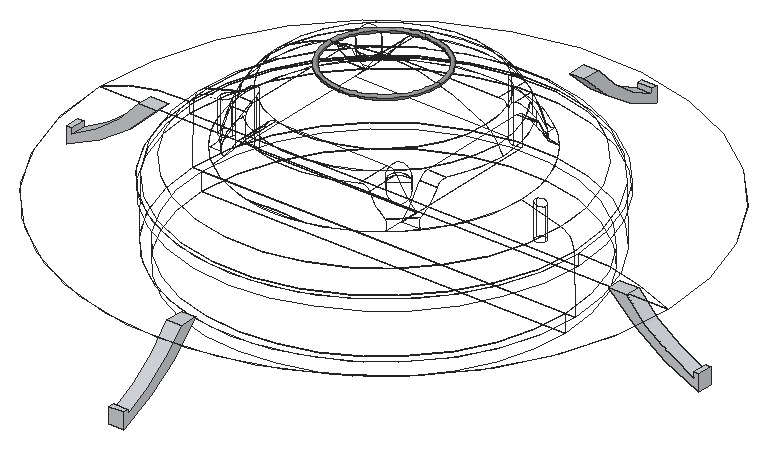
Revit family "Maxlogic dedektör asma tavan üniteli", category Fire Alarm Devices, host Face, Revit 2021
Family settings
  Host = Face
  Maintain Annotation Orientation = Yes
  Round Connector Dimension = Use Diameter
  Part Type = Normal
  OmniClass Number = 23.85.30.21
  OmniClass Title = Environmental Detection/Registration
  Cut with Voids When Loaded = No
  Shared = No
  Room Calculation Point = No
Parameters (values of type "Maxlogic Akıllı Adresli Sıcaklık Dedektörü , Kısadevre İzolatörlü,asma tavan ünüteli")
  Weight = "95 gr"
  Weatherproof surface mounting back box = "ML-0121"
  Warranty Duration Unit = "Year"
  Warranty Duration Parts = "2"
  Warranty Duration Labor = "2"
  Version = ""
  URL = "https://www.mavili.com.tr/"
  Recessed mounting base = "ML-0150"
  Public Works Pose Number = "833-521"
  Protection Sign = ""
  Product Code = "ML-1130.SCI"
  Phone Number = "(+)90 216 466 45 05"
  Operatonal Voltage (default) = "26 V/DC"
  Operating voltage range = "18-33V/DC"
  Operating temperature = "(-10°C) - (+50°C)"
  Nominal Depth = "51 mm"
  Nominal Width = "106 mm"
  Nominal Height = "106 mm"
  Multi sensör halka = no
  Mounting surface = "Tavana montaj"
  Mounting height = ""
  Model = "Maxlogic"
  Manufacturer = "Mavili Elektronik Ticaret A.Ş."
  Isı halka = yes
  Installation Manual = "https://mavilielektronik.com/Revit/ML11XX_kk.pdf"
  Indicator output = "MG-4000.A"
  Fax Number = "(+)90 216 466 45 10"
  External supply = ""
  Email = "mavili@mavili.com.tr"
  Disclaimer = ""
  Device Adress Setup = "El tipi adresleme cihazı"
  Description = "Akıllı Adresli Sıcaklık Dedektörü , Kısadevre İzolatörlü,asma tavan ünüteli"
  Default Elevation = 0 mm
  Current consumption = ""
  Cost unıt = ""
  Cost = 0
  Compatible sockets 2 = "ML-0141"
  Compatible sockets = "ML-0140"
  Color = "Beyaz"
  Code Performance = "EN 54-5 / EN 54-17"
  Main Material = "White Plastic PC/ABS"
  Secondary Material = "Plastic"
  Algılama yarıçapı = "4,5 m"
  Address line 1 = "Şerifali Mahallesi Kutup Sokak No:27/1-2-4 Ümraniye TR-34775 İSTANBUL"
Types (11, lengths in mm): name | Weight | Public Works Pose Number | Product Code | Operating voltage range | Multi sensör halka | Isı halka | Installation Manual | Indicator output | Device Adress Setup | Description | Code Performance | Algılama yarıçapı
  (no name) | "95 gr" | "833-521" | "ML-1130.SCI" | "18-33V/DC" | no | yes | "https://mavilielektronik.com/Revit/ML11XX_kk.pdf" | "MG-4000.A" | "El tipi adresleme cihazı" | "Akıllı Adresli Sıcaklık Dedektörü , Kısadevre İzolatörlü,asma tavan ünüteli" | "EN 54-5 / EN 54-17" | "4,5 m"
  Maxlogic Konvansiyonel Optik Duman Dedektörü,asma tavan ünüteli | "140 gr" | "832-106" | "ML-2110" | "10-30V/DC" | no | no | "https://mavilielektronik.com/Revit/ML21XX_kk.pdf" | "MG-4000" | "" | "Konvansiyonel Optik Duman Dedektörü,asma tavan ünüteli" | "EN 54-7" | "6,5 m"
  Maxlogic Akıllı Adresli Optik Duman Dedektörü,asma tavan ünüteli | "100 gr" | "833-500" | "ML-1110" | "18-33V/DC" | no | no | "https://mavilielektronik.com/Revit/ML11XX_kk.pdf" | "MG-4000.A" | "El tipi adresleme cihazı" | "Akıllı Adresli Optik Duman Dedektörü,asma tavan ünüteli" | "EN 54-7" | "6,2 m"
  Maxlogic Akıllı Adresli Optik Duman Dedektörü , Kısa Devre İzolatörlü,asma tavan ünüteli | "100 gr" | "833-501" | "ML-1110.SCI" | "18-33V/DC" | no | no | "https://mavilielektronik.com/Revit/ML11XX_kk.pdf" | "MG-4000.A" | "El tipi adresleme cihazı" | "Akıllı Adresli Optik Duman Dedektörü , Kısa Devre İzolatörlü,asma tavan ünüteli" | "EN 54-7 / EN 54-17" | "6,2 m"
  Maxlogic Konvansiyonel Sabit Sıcaklık Dedektörü,asma tavan ünüteli | "135 gr" | "832-102" | "ML-2120" | "10-30V/DC" | no | yes | "https://mavilielektronik.com/Revit/ML21XX_kk.pdf" | "MG-4000" | "" | "Konvansiyonel Sabit Sıcaklık Dedektörü,asma tavan ünüteli" | "EN 54-5" | "4,5 m"
  Maxlogic Konvansiyonel  Kombine Sıcaklık Dedektörü,asma tavan ünüteli | "135 gr" | "832-103" | "ML-2130" | "10-30V/DC" | no | yes | "https://mavilielektronik.com/Revit/ML21XX_kk.pdf" | "MG-4000" | "" | "Konvansiyonel  Kombine Sıcaklık Dedektörü,asma tavan ünüteli" | "EN 54-5" | "4,5 m"
  Maxlogic Akıllı Adresli Sıcaklık Dedektörü,asma tavan ünüteli | "95 gr" | "833-520" | "ML-1130" | "18-33V/DC" | no | yes | "https://mavilielektronik.com/Revit/ML11XX_kk.pdf" | "MG-4000.A" | "El tipi adresleme cihazı" | "Akıllı Adresli Sıcaklık Dedektörü,asma tavan ünüteli" | "EN 54-5" | "4,5 m"
  Maxlogic Akıllı Adresli Sıcaklık Dedektörü , Kısadevre İzolatörlü,asma tavan ünüteli | "95 gr" | "833-521" | "ML-1130.SCI" | "18-33V/DC" | no | yes | "https://mavilielektronik.com/Revit/ML11XX_kk.pdf" | "MG-4000.A" | "El tipi adresleme cihazı" | "Akıllı Adresli Sıcaklık Dedektörü , Kısadevre İzolatörlü,asma tavan ünüteli" | "EN 54-5 / EN 54-17" | "4,5 m"
  Maxlogic Konvansiyonel Multisensör (Optik Duman+Sıcaklık) Dedektörü,asma tavan ünüteli | "141 gr" | "832-109" | "ML-2140" | "10-30V/DC" | yes | yes | "https://mavilielektronik.com/Revit/ML21XX_kk.pdf" | "MG-4000" | "" | "Konvansiyonel Multisensör (Optik Duman+Sıcaklık) Dedektörü,asma tavan ünüteli" | "EN 54-5 / EN 54-7" | "4,5 m"
  Maxlogic Akıllı Adresli Multisensör (Optik Duman+Sıcaklık)  Dedektörü,asma tavan ünüteli | "100 gr" | "833-530" | "ML-1140" | "18-33V/DC" | yes | yes | "https://mavilielektronik.com/Revit/ML11XX_kk.pdf" | "MG-4000.A" | "El tipi adresleme cihazı" | "Akıllı Adresli Multisensör (Optik Duman+Sıcaklık)  Dedektörü,asma tavan ünüteli" | "EN 54-5 / EN 54-7 / EN 54-17" | "4,5 m"
  Maxlogic Akıllı Adresli Multisensör(Optik Duman+Sıcaklık)  Dedektörü , Kısadevre İzolatörlü,asma tavan ünüteli | "100 gr" | "833-531" | "ML-1140.SCI" | "18-33V/DC" | yes | yes | "https://mavilielektronik.com/Revit/ML11XX_kk.pdf" | "MG-4000.A" | "El tipi adresleme cihazı" | "Akıllı Adresli Multisensör(Optik Duman+Sıcaklık)  Dedektörü , Kısadevre İzolatörlü,asma tavan ünüteli" | "EN 54-5 / EN 54-7 / EN 54-17" | "4,5 m"
Reference planes
  plane 1 "Center (Front/Back)": y = 0
  plane 2: z = 0
  plane 3 "Center (Left/Right)": x = 0
Forms (mm)
  Revolve 1, solid, material "Mavili beyaz"
    sketch origin (0, 0, -16) x (1, 0, 0) y (0, 0, 1)
      loop
        line (-52.919, 5) -> (0, 5) -> (0, 51.518)
        arc (0, 51.518) -> (-14.553, 49.716) -> (-28.057, 44) r 53.06
        arc (-28.057, 44) -> (-30.023, 42.467) -> (-31.557, 40.5) r 10.149
        arc (-31.557, 40.5) -> (-33.994, 35.835) -> (-35.524, 30.799) r 28.268
        arc (-35.524, 30.799) -> (-36.595, 29.67) -> (-38, 29) r 4.27
        line (-38, 29) -> (-48.929, 26.072)
        arc (-48.929, 26.072) -> (-51.575, 24.32) -> (-52.634, 21.329) r 5
        line (-52.634, 21.329) -> (-52.919, 5)
      axis (0, 5) -> (0, 51.518)
    angle from 0 to 360
  Revolve 2, solid, material "Mavili beyaz"
    sketch origin (-150, 0, -16) x (1, 0, 0) y (0, 0, 1)
      loop
        line (99.626, 5) -> (99.626, 0) -> (149.926, 0) -> (149.926, 5) -> (99.626, 5)
      axis (149.926, 0) -> (149.926, 5)
    angle from 0 to 360
  Extrusion 3, void
    sketch origin (-0.604, 5.6, -16) x (0, -1, 0) y (0, 0, 1)
      loop
        spline (-12.932, 36.606) -> (-13.32, 35.909) -> (-13.72, 35.223) -> (-14.132, 34.547) -> (-14.556, 33.882) -> (-14.992, 33.229) -> (-15.439, 32.588) -> (-15.897, 31.958) -> (-16.366, 31.341) -> (-16.847, 30.737) -> (-17.338, 30.145) -> (-17.839, 29.566) -> (-18.351, 29)
        line (-18.351, 29) -> (29.551, 29)
        spline (29.551, 29) -> (28.951, 29.556) -> (28.363, 30.124) -> (27.786, 30.704) -> (27.219, 31.297) -> (26.664, 31.901) -> (26.121, 32.516) -> (25.589, 33.143) -> (25.07, 33.781) -> (24.562, 34.43) -> (24.067, 35.09) -> (23.585, 35.759) -> (23.115, 36.439)
        spline (23.115, 36.439) -> (22.965, 36.668) -> (22.796, 36.886) -> (22.611, 37.091) -> (22.411, 37.28) -> (22.199, 37.451) -> (21.978, 37.602) -> (21.751, 37.73) -> (21.521, 37.835) -> (21.289, 37.914) -> (21.06, 37.967) -> (20.837, 37.993) -> (20.618, 38)
        line (20.618, 38) -> (-10.439, 37.994)
        spline (-10.439, 37.994) -> (-10.678, 37.983) -> (-10.918, 37.951) -> (-11.159, 37.897) -> (-11.397, 37.822) -> (-11.63, 37.727) -> (-11.856, 37.613) -> (-12.072, 37.481) -> (-12.276, 37.332) -> (-12.466, 37.169) -> (-12.64, 36.992) -> (-12.796, 36.804) -> (-12.932, 36.606)
    from 23.347 to 38.235
  Extrusion 4, void
    sketch origin (5.6, -13.629, -16) x (-1, 0, 0) y (0, 0, -1)
      loop
        spline (-12.932, -36.606) -> (-12.796, -36.804) -> (-12.64, -36.992) -> (-12.466, -37.169) -> (-12.276, -37.332) -> (-12.072, -37.481) -> (-11.856, -37.613) -> (-11.63, -37.727) -> (-11.397, -37.822) -> (-11.159, -37.897) -> (-10.918, -37.951) -> (-10.678, -37.983) -> (-10.439, -37.994)
        line (-10.439, -37.994) -> (20.618, -38)
        spline (20.618, -38) -> (20.837, -37.993) -> (21.06, -37.967) -> (21.289, -37.914) -> (21.521, -37.835) -> (21.751, -37.73) -> (21.978, -37.602) -> (22.199, -37.451) -> (22.411, -37.28) -> (22.611, -37.091) -> (22.796, -36.886) -> (22.965, -36.668) -> (23.115, -36.439)
        spline (23.115, -36.439) -> (23.585, -35.759) -> (24.067, -35.09) -> (24.562, -34.43) -> (25.07, -33.781) -> (25.589, -33.143) -> (26.121, -32.516) -> (26.664, -31.901) -> (27.219, -31.297) -> (27.786, -30.704) -> (28.363, -30.124) -> (28.951, -29.556) -> (29.551, -29)
        line (29.551, -29) -> (-18.351, -29)
        spline (-18.351, -29) -> (-17.839, -29.566) -> (-17.338, -30.145) -> (-16.847, -30.737) -> (-16.366, -31.341) -> (-15.897, -31.958) -> (-15.439, -32.588) -> (-14.992, -33.229) -> (-14.556, -33.882) -> (-14.132, -34.547) -> (-13.72, -35.223) -> (-13.32, -35.909) -> (-12.932, -36.606)
    from 5.109 to 23.424
  Extrusion 5, void
    sketch origin (5.6, 59.203, -16) x (-1, 0, 0) y (0, 0, 1)
      loop
        spline (-12.932, 36.606) -> (-13.32, 35.909) -> (-13.72, 35.223) -> (-14.132, 34.547) -> (-14.556, 33.882) -> (-14.992, 33.229) -> (-15.439, 32.588) -> (-15.897, 31.958) -> (-16.366, 31.341) -> (-16.847, 30.737) -> (-17.338, 30.145) -> (-17.839, 29.566) -> (-18.351, 29)
        line (-18.351, 29) -> (29.551, 29)
        spline (29.551, 29) -> (28.951, 29.556) -> (28.363, 30.124) -> (27.786, 30.704) -> (27.219, 31.297) -> (26.664, 31.901) -> (26.121, 32.516) -> (25.589, 33.143) -> (25.07, 33.781) -> (24.562, 34.43) -> (24.067, 35.09) -> (23.585, 35.759) -> (23.115, 36.439)
        spline (23.115, 36.439) -> (22.965, 36.668) -> (22.796, 36.886) -> (22.611, 37.091) -> (22.411, 37.28) -> (22.199, 37.451) -> (21.978, 37.602) -> (21.751, 37.73) -> (21.521, 37.835) -> (21.289, 37.914) -> (21.06, 37.967) -> (20.837, 37.993) -> (20.618, 38)
        line (20.618, 38) -> (-10.439, 37.994)
        spline (-10.439, 37.994) -> (-10.678, 37.983) -> (-10.918, 37.951) -> (-11.159, 37.897) -> (-11.397, 37.822) -> (-11.63, 37.727) -> (-11.856, 37.613) -> (-12.072, 37.481) -> (-12.276, 37.332) -> (-12.466, 37.169) -> (-12.64, 36.992) -> (-12.796, 36.804) -> (-12.932, 36.606)
    from -39.5 to -20.535
  Extrusion 6, void
    sketch origin (39.396, 5.6, -16) x (0, -1, 0) y (0, 0, 1)
      loop
        spline (-12.932, 36.606) -> (-13.32, 35.909) -> (-13.72, 35.223) -> (-14.132, 34.547) -> (-14.556, 33.882) -> (-14.992, 33.229) -> (-15.439, 32.588) -> (-15.897, 31.958) -> (-16.366, 31.341) -> (-16.847, 30.737) -> (-17.338, 30.145) -> (-17.839, 29.566) -> (-18.351, 29)
        line (-18.351, 29) -> (29.551, 29)
        spline (29.551, 29) -> (28.951, 29.556) -> (28.363, 30.124) -> (27.786, 30.704) -> (27.219, 31.297) -> (26.664, 31.901) -> (26.121, 32.516) -> (25.589, 33.143) -> (25.07, 33.781) -> (24.562, 34.43) -> (24.067, 35.09) -> (23.585, 35.759) -> (23.115, 36.439)
        spline (23.115, 36.439) -> (22.965, 36.668) -> (22.796, 36.886) -> (22.611, 37.091) -> (22.411, 37.28) -> (22.199, 37.451) -> (21.978, 37.602) -> (21.751, 37.73) -> (21.521, 37.835) -> (21.289, 37.914) -> (21.06, 37.967) -> (20.837, 37.993) -> (20.618, 38)
        line (20.618, 38) -> (-10.439, 37.994)
        spline (-10.439, 37.994) -> (-10.678, 37.983) -> (-10.918, 37.951) -> (-11.159, 37.897) -> (-11.397, 37.822) -> (-11.63, 37.727) -> (-11.856, 37.613) -> (-12.072, 37.481) -> (-12.276, 37.332) -> (-12.466, 37.169) -> (-12.64, 36.992) -> (-12.796, 36.804) -> (-12.932, 36.606)
    from 0.766 to 15.446
  Extrusion 7, void
    sketch origin (1.322, 1.416, -12) x (0.087156, -0.996195, 0) y (-0.996195, -0.087156, 0)
      loop
        spline (16.87, 24.595) -> (16.963, 24.272) -> (17.107, 23.921) -> (17.305, 23.553) -> (17.56, 23.185) -> (17.87, 22.83) -> (18.224, 22.508) -> (18.612, 22.228) -> (19.022, 21.999) -> (19.436, 21.825) -> (19.839, 21.707) -> (20.213, 21.639) -> (20.55, 21.615)
        arc (20.55, 21.615) -> (22.96, 22.422) -> (24.65, 24.318) r 4.946
        spline (24.65, 24.318) -> (24.838, 24.591) -> (24.975, 24.904) -> (25.062, 25.252) -> (25.095, 25.63) -> (25.076, 26.032) -> (25.004, 26.452) -> (24.88, 26.884) -> (24.706, 27.321) -> (24.484, 27.757) -> (24.219, 28.185) -> (23.914, 28.599) -> (23.573, 28.992)
        spline (23.573, 28.992) -> (23.149, 29.264) -> (22.709, 29.497) -> (22.26, 29.69) -> (21.807, 29.839) -> (21.358, 29.942) -> (20.919, 29.998) -> (20.495, 30.005) -> (20.094, 29.964) -> (19.72, 29.875) -> (19.379, 29.74) -> (19.075, 29.561) -> (18.814, 29.339)
        arc (18.814, 29.339) -> (17.158, 27.248) -> (16.87, 24.595) r 4.815
    from -45.772 to -25
  Extrusion 8, void
    sketch origin (-1.322, -1.416, -12) x (-0.087156, 0.996195, 0) y (0.996195, 0.087156, 0)
      loop
        spline (16.87, 24.595) -> (16.963, 24.272) -> (17.107, 23.921) -> (17.305, 23.553) -> (17.56, 23.185) -> (17.87, 22.83) -> (18.224, 22.508) -> (18.612, 22.228) -> (19.022, 21.999) -> (19.436, 21.825) -> (19.839, 21.707) -> (20.213, 21.639) -> (20.55, 21.615)
        arc (20.55, 21.615) -> (22.96, 22.422) -> (24.65, 24.318) r 4.946
        spline (24.65, 24.318) -> (24.838, 24.591) -> (24.975, 24.904) -> (25.062, 25.252) -> (25.095, 25.63) -> (25.076, 26.032) -> (25.004, 26.452) -> (24.88, 26.884) -> (24.706, 27.321) -> (24.484, 27.757) -> (24.219, 28.185) -> (23.914, 28.599) -> (23.573, 28.992)
        spline (23.573, 28.992) -> (23.149, 29.264) -> (22.709, 29.497) -> (22.26, 29.69) -> (21.807, 29.839) -> (21.358, 29.942) -> (20.919, 29.998) -> (20.495, 30.005) -> (20.094, 29.964) -> (19.72, 29.875) -> (19.379, 29.74) -> (19.075, 29.561) -> (18.814, 29.339)
        arc (18.814, 29.339) -> (17.158, 27.248) -> (16.87, 24.595) r 4.815
    from -45.772 to -25
  Revolve 9, solid, material "Glass"
    sketch origin (0.301, -0.834, 20.83) x (0.996195, 0.087156, 0) y (-0.087156, 0.996195, 0)
      loop
        spline (-18.665, 27.53) -> (-19.251, 27.95) -> (-19.899, 28.27) -> (-20.595, 28.463) -> (-21.318, 28.496) -> (-22.023, 28.338) -> (-22.649, 27.979) -> (-23.134, 27.443) -> (-23.439, 26.785) -> (-23.559, 26.071) -> (-23.516, 25.347) -> (-23.339, 24.648) -> (-23.047, 23.981)
        spline (-23.047, 23.981) -> (-22.978, 23.855) -> (-22.905, 23.731) -> (-22.829, 23.609) -> (-22.75, 23.49) -> (-22.667, 23.372) -> (-22.58, 23.258) -> (-22.491, 23.145) -> (-22.398, 23.036) -> (-22.303, 22.929) -> (-22.204, 22.824) -> (-22.103, 22.722) -> (-21.998, 22.624)
        line (-21.998, 22.624) -> (-17.511, 26.168)
        spline (-17.511, 26.168) -> (-17.589, 26.296) -> (-17.67, 26.421) -> (-17.755, 26.544) -> (-17.843, 26.665) -> (-17.935, 26.783) -> (-18.03, 26.898) -> (-18.128, 27.01) -> (-18.229, 27.12) -> (-18.334, 27.227) -> (-18.441, 27.331) -> (-18.552, 27.432) -> (-18.665, 27.53)
      axis (-21.998, 22.624) -> (-17.511, 26.168)
    angle from 172.048 to -180
  Revolve 10, solid, material "Glass"
    sketch origin (-0.301, 0.834, 20.83) x (-0.996195, -0.087156, 0) y (0.087156, -0.996195, 0)
      loop
        spline (-18.665, 27.53) -> (-19.251, 27.95) -> (-19.899, 28.27) -> (-20.595, 28.463) -> (-21.318, 28.496) -> (-22.023, 28.338) -> (-22.649, 27.979) -> (-23.134, 27.443) -> (-23.439, 26.785) -> (-23.559, 26.071) -> (-23.516, 25.347) -> (-23.339, 24.648) -> (-23.047, 23.981)
        spline (-23.047, 23.981) -> (-22.978, 23.855) -> (-22.905, 23.731) -> (-22.829, 23.609) -> (-22.75, 23.49) -> (-22.667, 23.372) -> (-22.58, 23.258) -> (-22.491, 23.145) -> (-22.398, 23.036) -> (-22.303, 22.929) -> (-22.204, 22.824) -> (-22.103, 22.722) -> (-21.998, 22.624)
        line (-21.998, 22.624) -> (-17.511, 26.168)
        spline (-17.511, 26.168) -> (-17.589, 26.296) -> (-17.67, 26.421) -> (-17.755, 26.544) -> (-17.843, 26.665) -> (-17.935, 26.783) -> (-18.03, 26.898) -> (-18.128, 27.01) -> (-18.229, 27.12) -> (-18.334, 27.227) -> (-18.441, 27.331) -> (-18.552, 27.432) -> (-18.665, 27.53)
      axis (-21.998, 22.624) -> (-17.511, 26.168)
    angle from 172.048 to -180
  Sweep 11, solid, material "Mavili siyah.1", visible <- "Isı halka"
    path origin (0, 0, 33.5) x (0, 1, 0) y (-1, 0, 0)
      loop
        arc (14.84, 0.029) -> (10.47, 10.578) -> (-0.079, 14.948) r 14.919
        arc (-0.079, 14.948) -> (-10.638, 10.574) -> (-15.012, 0.015) r 14.932
        arc (-15.012, 0.015) -> (-10.638, -10.543) -> (-0.079, -14.917) r 14.932
        arc (-0.079, -14.917) -> (10.479, -10.538) -> (14.84, 0.029) r 14.919
    profile origin (10.538, 10.479, 33.5) x (0.706483, 0.70773, 0) y (0, 0, 1)
      loop
        circle (0, 0) r 0.5
  Sweep 12, solid, material "Mavili siyah.1", visible <- "Multi sensör halka"
    path origin (0, 0, 32.025) x (0, 1, 0) y (-1, 0, 0)
      loop
        arc (19.793, 0.005) -> (13.97, 14.063) -> (-0.088, 19.886) r 19.881
        arc (-0.088, 19.886) -> (-14.145, 14.063) -> (-19.968, 0.006) r 19.88
        arc (-19.968, 0.006) -> (-14.143, -14.057) -> (-0.079, -19.882) r 19.889
        arc (-0.079, -19.882) -> (13.978, -14.057) -> (19.793, 0.005) r 19.872
    profile origin (14.057, 13.978, 32.025) x (0.706832, 0.707382, 0) y (0, 0, 1)
      loop
        circle (0, 0) r 0.5
  Extrusion 13, void
    sketch origin (0, 0, 13) x (0, 1, 0) y (-1, 0, 0)
      loop
        circle (-2.981, 41.129) r 2
      loop
        circle (2.823, -41.129) r 1.5
    from 0 to -10
  Revolve 14, solid, material "Mavili beyaz"
    sketch origin (-14.86, -0.002, -23) x (0, 0, 1) y (-1, 0, 0)
      loop
        line (23, -14.86) -> (23, -93.56)
        arc (23, -93.56) -> (27.173, -81.372) -> (28.19, -68.53) r 51.479
        line (28.19, -68.53) -> (25.036, -68.53) -> (25.036, -14.86) -> (23, -14.86)
      axis (28.19, -14.86) -> (23, -14.86)
    angle from 0 to -360
  Extrusion 15, solid
    sketch origin (-1854.86, -0.002, -23) x (0, 0, 1) y (-1, 0, 0)
      loop
        line (23, -1922.328) -> (23, -1917.328)
        arc (23, -1917.328) -> (12.989, -1928.762) -> (6.137, -1942.328) r 60.593
        line (6.137, -1942.328) -> (10.433, -1942.328) -> (10.433, -1940.845) -> (9.063, -1940.845)
        arc (9.063, -1940.845) -> (14.882, -1930.721) -> (23, -1922.328) r 47.361
      loop
        arc (23, -1787.393) -> (14.882, -1779) -> (9.063, -1768.876) r 47.361
        line (9.063, -1768.876) -> (10.433, -1768.876) -> (10.433, -1767.393) -> (6.137, -1767.393)
        arc (6.137, -1767.393) -> (12.989, -1780.959) -> (23, -1792.393) r 60.593
        line (23, -1792.393) -> (23, -1787.393)
    from 0.489 to -3.501
  Extrusion 16, solid
    sketch origin (1.506, -1850.718, -22) x (0, 0, 1) y (0, -1, 0)
      loop
        line (23, -1922.328) -> (23, -1917.328)
        arc (23, -1917.328) -> (12.989, -1928.762) -> (6.137, -1942.328) r 60.593
        line (6.137, -1942.328) -> (10.433, -1942.328) -> (10.433, -1940.845) -> (9.063, -1940.845)
        arc (9.063, -1940.845) -> (14.882, -1930.721) -> (23, -1922.328) r 47.361
      loop
        arc (23, -1778.126) -> (14.882, -1769.733) -> (9.063, -1759.609) r 47.361
        line (9.063, -1759.609) -> (10.433, -1759.609) -> (10.433, -1758.126) -> (6.137, -1758.126)
        arc (6.137, -1758.126) -> (12.989, -1771.692) -> (23, -1783.126) r 60.593
        line (23, -1783.126) -> (23, -1778.126)
    from 0.489 to -3.501
Cuts and joins
  Extrusion 3, Extrusion 4, Extrusion 5, Extrusion 6, Extrusion 7, Extrusion 8, Extrusion 13 cuts Revolve 1
Dimensions and locks
  radius of Sweep 11 sketch curve = 0.5 mm
  aligned and locked: plane 2 to host face
  aligned and locked: level to host face
